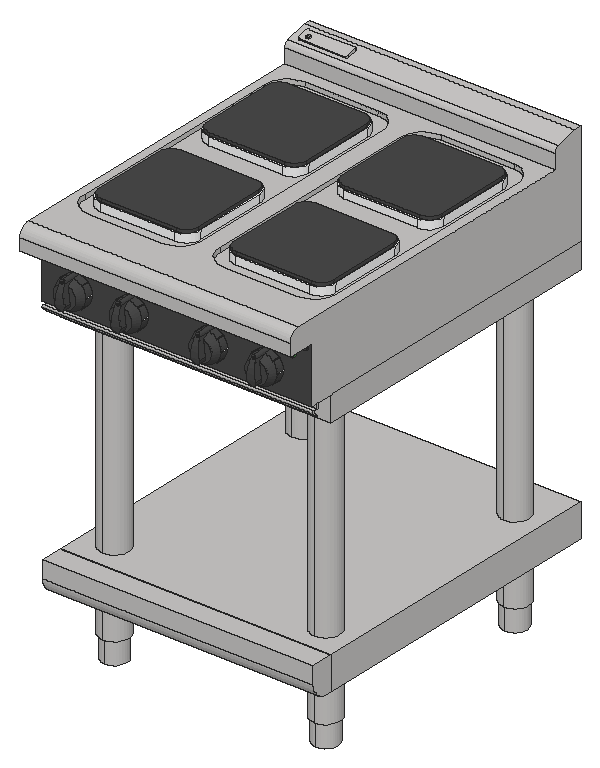
Revit family "QF_Moffat_RNLB8400SE-LS_Electric_Cooktops_Sealed_Hobs_cat", category Specialty Equipment, Revit 2019
Family settings
  Round Connector Dimension = Use Diameter
  Part Type = Normal
  Work Plane-Based = No
  Always vertical = Yes
  Cut with Voids When Loaded = No
  Shared = No
  Room Calculation Point = No
Parameters (values of type "E514S-LS")
  Weight in Kilograms = 74
  Watts = 8800 W
  Volts = 400 V
  URL Cutsheet = ""
  Specification by User = ""
  Specification by Manufacturer = ""
  Serial Number = ""
  Seismic Rating = ""
  SMACNA No = ""
  Revision Code = ""
  Phase = 2
  Number of Poles = 1
  NAFEM Spec ID Number = ""
  Model = "RNLB8400SE-LS"
  Min Ckt Ampacity = 0 A
  Max Overcurrent Protection = 0 A
  Masterspec = ""
  Manufacturer = "Moffat"
  Length = 600 mm
  Item Number = ""
  Installed By = ""
  Identify Quantity as Lot = yes
  Height = 970 mm
  HP = ""
  Furnished By = ""
  Foodservice Equipment Identifier = yes
  FL Amps = 22 A
  Electrical Remarks = ""
  Electric Connection Type = ""
  Elec Conn RI Height = 0 mm
  Elec Conn Connection Height = 0 mm
  Description = "Electric Cooktops Sealed Hobs"
  Depth = 805 mm
  Cycle = 50 Hz
  Conn Plug = ""
  Conn Conduit = yes
  CSI MasterFormat = ""
  Apparent Power = if(Phase = 3, Volts * FL Amps * 1.73, Volts * FL Amps)  # 8800 VA
Reference planes
  plane 1 "BACK": y = 0
  plane 2: z = 0
  plane 3 "LEFT": x = 0
  plane 4 "RIGHT": x = 600
  plane 5 "FRONT": y = -805
  plane 6 "TOP": z = 915
  plane 7 "Center Y": x = 300
  plane 8 "Center X": y = -402.5
  plane 9: x = 65.5
  plane 10: x = 87.5
  plane 11: x = 211.766
  plane 12: y = -30
  plane 13: x = 470
  plane 14: x = 512.5
  plane 15: x = 388.234
  plane 16: x = 534.5
  plane 17: z = 150
  plane 18: y = -100
  plane 19: y = -625
  plane 20: z = 970
Forms (mm)
  Extrusion 1, solid, material "QF_Metal_Stainless_Polished"
    sketch origin (0, 0, 600) x (0, 1, 0) y (0, 0, 1)
      loop
        line (0, 140) -> (0, 370) -> (-15, 370) -> (-61.106, 357.646)
        arc (-61.106, 357.646) -> (-67.52, 353.36) -> (-70, 346.055) r 12
        line (-70, 346.055) -> (-70, 315) -> (-781, 315)
        arc (-781, 315) -> (-797.971, 307.971) -> (-805, 291) r 24
        line (-805, 291) -> (-805, 266) -> (-746.031, 266) -> (-746.031, 140) -> (0, 140)
    from 0 to 600
  Extrusion 2, void
    sketch origin (0, -773.8, 915) x (0, 1, 0) y (-1, 0, 0)
      loop
        arc (673.6, -69) -> (658.955, -33.645) -> (623.6, -19) r 50
        line (623.6, -19) -> (123.399, -19)
        arc (123.399, -19) -> (88.044, -33.645) -> (73.399, -69) r 50
        line (73.399, -69) -> (73.399, -231)
        arc (73.399, -231) -> (88.044, -266.355) -> (123.399, -281) r 50
        line (123.399, -281) -> (623.6, -281)
        arc (623.6, -281) -> (658.955, -266.355) -> (673.6, -231) r 50
        line (673.6, -231) -> (673.6, -69)
      loop
        line (673.6, -531) -> (673.6, -369)
        arc (673.6, -369) -> (658.955, -333.645) -> (623.6, -319) r 50
        line (623.6, -319) -> (123.399, -319)
        arc (123.399, -319) -> (88.044, -333.645) -> (73.399, -369) r 50
        line (73.399, -369) -> (73.399, -531)
        arc (73.399, -531) -> (88.044, -566.355) -> (123.399, -581) r 50
        line (123.399, -581) -> (623.6, -581)
        arc (623.6, -581) -> (658.955, -566.355) -> (673.6, -531) r 50
    from 0 to -9.5
  Extrusion 3, solid, material "QF_Plastic_White_Smooth"
    sketch origin (0, -773.8, 905.5) x (0, 1, 0) y (-1, 0, 0)
      loop
        arc (635.254, -68) -> (625.881, -45.373) -> (603.254, -36) r 32
        line (603.254, -36) -> (440.337, -36)
        arc (440.337, -36) -> (417.71, -45.373) -> (408.337, -68) r 32
        line (408.337, -68) -> (408.337, -232)
        arc (408.337, -232) -> (417.71, -254.627) -> (440.337, -264) r 32
        line (440.337, -264) -> (603.254, -264)
        arc (603.254, -264) -> (625.881, -254.627) -> (635.254, -232) r 32
        line (635.254, -232) -> (635.254, -68)
      loop
        arc (335.297, -68) -> (325.925, -45.373) -> (303.297, -36) r 32
        line (303.297, -36) -> (140.362, -36)
        arc (140.362, -36) -> (117.734, -45.373) -> (108.362, -68) r 32
        line (108.362, -68) -> (108.362, -232)
        arc (108.362, -232) -> (117.734, -254.627) -> (140.362, -264) r 32
        line (140.362, -264) -> (303.297, -264)
        arc (303.297, -264) -> (325.925, -254.627) -> (335.297, -232) r 32
        line (335.297, -232) -> (335.297, -68)
      loop
        arc (635.246, -368) -> (625.874, -345.373) -> (603.246, -336) r 32
        line (603.246, -336) -> (440.353, -336)
        arc (440.353, -336) -> (417.725, -345.373) -> (408.353, -368) r 32
        line (408.353, -368) -> (408.353, -532)
        arc (408.353, -532) -> (417.725, -554.627) -> (440.353, -564) r 32
        line (440.353, -564) -> (603.246, -564)
        arc (603.246, -564) -> (625.874, -554.627) -> (635.246, -532) r 32
        line (635.246, -532) -> (635.246, -368)
      loop
        arc (335.297, -368) -> (325.925, -345.373) -> (303.297, -336) r 32
        line (303.297, -336) -> (140.362, -336)
        arc (140.362, -336) -> (117.734, -345.373) -> (108.362, -368) r 32
        line (108.362, -368) -> (108.362, -532)
        arc (108.362, -532) -> (117.734, -554.627) -> (140.362, -564) r 32
        line (140.362, -564) -> (303.297, -564)
        arc (303.297, -564) -> (325.925, -554.627) -> (335.297, -532) r 32
        line (335.297, -532) -> (335.297, -368)
    from 0 to 17.8
  Extrusion 4, solid, material "QF_Plastic_Black_Smooth"
    sketch origin (0, -773.8, 923.3) x (0, 1, 0) y (-1, 0, 0)
      loop
        arc (631.8, -67) -> (623.892, -47.908) -> (604.8, -40) r 27
        line (604.8, -40) -> (438.8, -40)
        arc (438.8, -40) -> (419.708, -47.908) -> (411.8, -67) r 27
        line (411.8, -67) -> (411.8, -233)
        arc (411.8, -233) -> (419.708, -252.092) -> (438.8, -260) r 27
        line (438.8, -260) -> (604.8, -260)
        arc (604.8, -260) -> (623.892, -252.092) -> (631.8, -233) r 27
        line (631.8, -233) -> (631.8, -67)
      loop
        arc (331.8, -67) -> (323.892, -47.908) -> (304.8, -40) r 27
        line (304.8, -40) -> (138.8, -40)
        arc (138.8, -40) -> (119.708, -47.908) -> (111.8, -67) r 27
        line (111.8, -67) -> (111.8, -233)
        arc (111.8, -233) -> (119.708, -252.092) -> (138.8, -260) r 27
        line (138.8, -260) -> (304.8, -260)
        arc (304.8, -260) -> (323.892, -252.092) -> (331.8, -233) r 27
        line (331.8, -233) -> (331.8, -67)
      loop
        line (631.8, -533) -> (631.8, -367)
        arc (631.8, -367) -> (623.892, -347.908) -> (604.8, -340) r 27
        line (604.8, -340) -> (438.8, -340)
        arc (438.8, -340) -> (419.708, -347.908) -> (411.8, -367) r 27
        line (411.8, -367) -> (411.8, -533)
        arc (411.8, -533) -> (419.708, -552.092) -> (438.8, -560) r 27
        line (438.8, -560) -> (604.8, -560)
        arc (604.8, -560) -> (623.892, -552.092) -> (631.8, -533) r 27
      loop
        line (331.8, -533) -> (331.8, -367)
        arc (331.8, -367) -> (323.892, -347.908) -> (304.8, -340) r 27
        line (304.8, -340) -> (138.8, -340)
        arc (138.8, -340) -> (119.708, -347.908) -> (111.8, -367) r 27
        line (111.8, -367) -> (111.8, -533)
        arc (111.8, -533) -> (119.708, -552.092) -> (138.8, -560) r 27
        line (138.8, -560) -> (304.8, -560)
        arc (304.8, -560) -> (323.892, -552.092) -> (331.8, -533) r 27
    from 0 to 6.1
  Extrusion 5, solid, material "QF_Metal_Stainless_Polished"
    sketch origin (0, 0, 600) x (0, 1, 0) y (0, 0, 1)
      loop
        line (-691.8, 85) -> (0, 85) -> (0, 140) -> (-691.8, 140) -> (-691.8, 85)
    from 0 to 600
  Extrusion 6, solid, material "QF_Metal_Stainless_Polished"
    sketch origin (0, 0, 600) x (0, 1, 0) y (0, 0, 1)
      loop
        line (-730.6, 140) -> (-730.6, 130) -> (-740.105, 130)
        arc (-740.105, 130) -> (-743.076, 128.015) -> (-742.379, 124.511) r 3.215
        line (-742.379, 124.511) -> (-731.85, 113.982) -> (-730.719, 115.113) -> (-741.247, 125.642)
        arc (-741.247, 125.642) -> (-741.597, 127.403) -> (-740.105, 128.4) r 1.615
        line (-740.105, 128.4) -> (-729, 128.4) -> (-729, 140) -> (-730.6, 140)
    from 0 to 600
  Extrusion 7, solid, material "QF_Metal_Stainless_Polished"
    sketch origin (300, 175.397, 1819.2) x (0, 1, 0) y (0, 0, 1)
      loop
        line (-867.197, -1109.2) -> (-889.234, -1109.2)
        arc (-889.234, -1109.2) -> (-890.834, -1110.8) -> (-889.234, -1112.4) r 1.6
        line (-889.234, -1112.4) -> (-867.197, -1112.4) -> (-867.197, -1109.2)
    from -250 to 250
  Extrusion 8, solid, material "QF_Paint_Green"
    sketch origin (0, -746.031, 730) x (0, 0, 1) y (-1, 0, 0)
      loop
        circle (101.3, -432.5) r 7.15
      loop
        circle (101.3, -557.5) r 7.15
      loop
        circle (101.3, -131.766) r 7.15
      loop
        circle (101.3, -256.766) r 7.15
    from 0 to 1.6
  Extrusion 9, solid, material "QF_Plastic_Black_Smooth"
    sketch origin (0, -746.031, 740) x (0, 0, 1) y (-1, 0, 0)
      loop
        circle (113.843, -13.157) r 5
      loop
        circle (113.843, -586.843) r 5
    from 0 to 1.6
  Extrusion 10, solid, material "QF_Metal_Stainless_Polished"
    sketch origin (-6096, 287.266, 675) x (0, 1, 0) y (-1, 0, 0)
      loop
        circle (-317.266, -6566) r 6.35
    from 10 to 0
  Extrusion 11, solid, material "QF_Metal_Stainless_Polished"
    sketch origin (0, 0, 0) x (0, 1, 0) y (0, 0, 1)
      loop
        line (-741.8, 222.5) -> (-741.8, 186)
        arc (-741.8, 186) -> (-731.256, 160.544) -> (-705.8, 150) r 36
        line (-705.8, 150) -> (-691.8, 150) -> (-691.8, 222.5) -> (-741.8, 222.5)
    from 0 to 600
  Revolve 12, solid, material "QF_Metal_Stainless_Polished"
    sketch origin (65.5, -4572, -304.8) x (0, 0, -1) y (0, -1, 0)
      loop
        line (-304.8, -3947) -> (-989.8, -3947) -> (-989.8, -3978.75) -> (-354.8, -3978.75) -> (-354.8, -3974.5) -> (-304.8, -3974.5) -> (-304.8, -3947)
      axis (-989.8, -3947) -> (-304.8, -3947)
    angle from 0 to 360
  Revolve 13, solid, material "QF_Metal_Stainless_Polished"
    sketch origin (534.5, -4572, -304.8) x (0, 0, -1) y (0, 1, 0)
      loop
        line (-304.8, 3947) -> (-304.8, 3974.5) -> (-354.8, 3974.5) -> (-354.8, 3978.75) -> (-989.8, 3978.75) -> (-989.8, 3947) -> (-304.8, 3947)
      axis (-989.8, 3947) -> (-304.8, 3947)
    angle from 0 to 360
  Extrusion 14, solid, material "QF_Metal_Stainless_Polished"
    sketch origin (0, 0, 0) x (0, 1, 0) y (0, 0, 1)
      loop
        line (-691.8, 222.5) -> (-691.8, 150) -> (0, 150) -> (0, 222.5) -> (-691.8, 222.5)
    from 0 to 600
  Revolve 15, solid, material "QF_Metal_Stainless_Polished"
    sketch origin (65.5, 3847, -304.8) x (0, 0, -1) y (0, -1, 0)
      loop
        line (-304.8, 3947) -> (-304.8, 3974.5) -> (-354.8, 3974.5) -> (-354.8, 3978.75) -> (-989.8, 3978.75) -> (-989.8, 3947) -> (-304.8, 3947)
      axis (-989.8, 3947) -> (-304.8, 3947)
    angle from 0 to 360
  Revolve 16, solid, material "QF_Metal_Stainless_Polished"
    sketch origin (534.5, 3847, -304.8) x (0, 0, -1) y (0, 1, 0)
      loop
        line (-304.8, -3947) -> (-989.8, -3947) -> (-989.8, -3978.75) -> (-354.8, -3978.75) -> (-354.8, -3974.5) -> (-304.8, -3974.5) -> (-304.8, -3947)
      axis (-989.8, -3947) -> (-304.8, -3947)
    angle from 0 to 360
Cuts and joins
  Extrusion 2 cuts Extrusion 1
  joined: Extrusion 5, Extrusion 11
  joined: Revolve 12, Revolve 13, Extrusion 14, Revolve 15, Revolve 16
Lines and regions (mm)
  symbolic lines
    curve 1: line (0, 0, 0) -> (600, 0, 0)
    curve 2: line (0, -805, 0) -> (0, 0, 0)
    curve 3: line (600, -805, 0) -> (0, -805, 0)
    curve 4: line (600, 0, 0) -> (600, -805, 0)
    curve 5: arc (69, -700.401, 0) -> (33.645, -685.756, 0) -> (19, -650.401, 0) r 50
    curve 6: line (19, -650.401, 0) -> (19, -150.2, 0)
    curve 7: arc (19, -150.2, 0) -> (33.645, -114.845, 0) -> (69, -100.2, 0) r 50
    curve 8: line (69, -100.2, 0) -> (231, -100.2, 0)
    curve 9: arc (231, -100.2, 0) -> (266.355, -114.845, 0) -> (281, -150.2, 0) r 50
    curve 10: line (281, -150.2, 0) -> (281, -650.401, 0)
    curve 11: arc (281, -650.401, 0) -> (266.355, -685.756, 0) -> (231, -700.401, 0) r 50
    curve 12: line (231, -700.401, 0) -> (69, -700.401, 0)
    curve 13: arc (369, -700.401, 0) -> (333.645, -685.756, 0) -> (319, -650.401, 0) r 50
    curve 14: line (319, -650.401, 0) -> (319, -150.2, 0)
    curve 15: arc (319, -150.2, 0) -> (333.645, -114.845, 0) -> (369, -100.2, 0) r 50
    curve 16: line (369, -100.2, 0) -> (531, -100.2, 0)
    curve 17: arc (531, -100.2, 0) -> (566.355, -114.845, 0) -> (581, -150.2, 0) r 50
    curve 18: line (581, -150.2, 0) -> (581, -650.401, 0)
    curve 19: arc (581, -650.401, 0) -> (566.355, -685.756, 0) -> (531, -700.401, 0) r 50
    curve 20: line (531, -700.401, 0) -> (369, -700.401, 0)
    curve 21: arc (232, -665.438, 0) -> (254.627, -656.066, 0) -> (264, -633.438, 0) r 32
    curve 22: line (264, -633.438, 0) -> (264, -470.503, 0)
    curve 23: arc (264, -470.503, 0) -> (254.627, -447.875, 0) -> (232, -438.503, 0) r 32
    curve 24: line (232, -438.503, 0) -> (68, -438.503, 0)
    curve 25: arc (68, -438.503, 0) -> (45.373, -447.875, 0) -> (36, -470.503, 0) r 32
    curve 26: line (36, -470.503, 0) -> (36, -633.438, 0)
    curve 27: arc (36, -633.438, 0) -> (45.373, -656.066, 0) -> (68, -665.438, 0) r 32
    curve 28: line (68, -665.438, 0) -> (232, -665.438, 0)
    curve 29: arc (233, -662, 0) -> (252.092, -654.092, 0) -> (260, -635, 0) r 27
    curve 30: line (260, -635, 0) -> (260, -469, 0)
    curve 31: arc (260, -469, 0) -> (252.092, -449.908, 0) -> (233, -442, 0) r 27
    curve 32: line (233, -442, 0) -> (67, -442, 0)
    curve 33: arc (67, -442, 0) -> (47.908, -449.908, 0) -> (40, -469, 0) r 27
    curve 34: line (40, -469, 0) -> (40, -635, 0)
    curve 35: arc (40, -635, 0) -> (47.908, -654.092, 0) -> (67, -662, 0) r 27
    curve 36: line (67, -662, 0) -> (233, -662, 0)
    curve 37: arc (336, -633.438, 0) -> (345.373, -656.066, 0) -> (368, -665.438, 0) r 32
    curve 38: line (368, -665.438, 0) -> (532, -665.438, 0)
    curve 39: arc (532, -665.438, 0) -> (554.627, -656.066, 0) -> (564, -633.438, 0) r 32
    curve 40: line (564, -633.438, 0) -> (564, -470.503, 0)
    curve 41: arc (564, -470.503, 0) -> (554.627, -447.875, 0) -> (532, -438.503, 0) r 32
    curve 42: line (532, -438.503, 0) -> (368, -438.503, 0)
    curve 43: arc (368, -438.503, 0) -> (345.373, -447.875, 0) -> (336, -470.503, 0) r 32
    curve 44: line (336, -470.503, 0) -> (336, -633.438, 0)
    curve 45: arc (340, -635, 0) -> (347.908, -654.092, 0) -> (367, -662, 0) r 27
    curve 46: line (367, -662, 0) -> (533, -662, 0)
    curve 47: arc (533, -662, 0) -> (552.092, -654.092, 0) -> (560, -635, 0) r 27
    curve 48: line (560, -635, 0) -> (560, -469, 0)
    curve 49: arc (560, -469, 0) -> (552.092, -449.908, 0) -> (533, -442, 0) r 27
    curve 50: line (533, -442, 0) -> (367, -442, 0)
    curve 51: arc (367, -442, 0) -> (347.908, -449.908, 0) -> (340, -469, 0) r 27
    curve 52: line (340, -469, 0) -> (340, -635, 0)
    curve 53: arc (340, -335, 0) -> (347.908, -354.092, 0) -> (367, -362, 0) r 27
    curve 54: line (367, -362, 0) -> (533, -362, 0)
    curve 55: arc (533, -362, 0) -> (552.092, -354.092, 0) -> (560, -335, 0) r 27
    curve 56: line (560, -335, 0) -> (560, -169, 0)
    curve 57: arc (560, -169, 0) -> (552.092, -149.908, 0) -> (533, -142, 0) r 27
    curve 58: line (533, -142, 0) -> (367, -142, 0)
    curve 59: arc (367, -142, 0) -> (347.908, -149.908, 0) -> (340, -169, 0) r 27
    curve 60: line (340, -169, 0) -> (340, -335, 0)
    curve 61: arc (336, -333.447, 0) -> (345.373, -356.075, 0) -> (368, -365.447, 0) r 32
    curve 62: line (368, -365.447, 0) -> (532, -365.447, 0)
    curve 63: arc (532, -365.447, 0) -> (554.627, -356.075, 0) -> (564, -333.447, 0) r 32
    curve 64: line (564, -333.447, 0) -> (564, -170.554, 0)
    curve 65: arc (564, -170.554, 0) -> (554.627, -147.926, 0) -> (532, -138.554, 0) r 32
    curve 66: line (532, -138.554, 0) -> (368, -138.554, 0)
    curve 67: arc (368, -138.554, 0) -> (345.373, -147.926, 0) -> (336, -170.554, 0) r 32
    curve 68: line (336, -170.554, 0) -> (336, -333.447, 0)
    curve 69: arc (232, -365.463, 0) -> (254.627, -356.09, 0) -> (264, -333.463, 0) r 32
    curve 70: line (264, -333.463, 0) -> (264, -170.546, 0)
    curve 71: arc (264, -170.546, 0) -> (254.627, -147.919, 0) -> (232, -138.546, 0) r 32
    curve 72: line (232, -138.546, 0) -> (68, -138.546, 0)
    curve 73: arc (68, -138.546, 0) -> (45.373, -147.919, 0) -> (36, -170.546, 0) r 32
    curve 74: line (36, -170.546, 0) -> (36, -333.463, 0)
    curve 75: arc (36, -333.463, 0) -> (45.373, -356.09, 0) -> (68, -365.463, 0) r 32
    curve 76: line (68, -365.463, 0) -> (232, -365.463, 0)
    curve 77: arc (233, -362, 0) -> (252.092, -354.092, 0) -> (260, -335, 0) r 27
    curve 78: line (260, -335, 0) -> (260, -169, 0)
    curve 79: arc (260, -169, 0) -> (252.092, -149.908, 0) -> (233, -142, 0) r 27
    curve 80: line (233, -142, 0) -> (67, -142, 0)
    curve 81: arc (67, -142, 0) -> (47.908, -149.908, 0) -> (40, -169, 0) r 27
    curve 82: line (40, -169, 0) -> (40, -335, 0)
    curve 83: arc (40, -335, 0) -> (47.908, -354.092, 0) -> (67, -362, 0) r 27
    curve 84: line (67, -362, 0) -> (233, -362, 0)
    curve 85: line (0, -15, 0) -> (600, -15, 0)
    curve 86: line (0, -70, 0) -> (600, -70, 0)
Dimensions and locks
  equal spacing: plane 3 "LEFT", plane 7 "Center Y", plane 4 "RIGHT"
  "Length": plane 3 "LEFT" to plane 4 "RIGHT"
  equal spacing: plane 5 "FRONT", plane 8 "Center X", plane 1 "BACK"
  "Depth": plane 5 "FRONT" to plane 1 "BACK"
  plane 4 "RIGHT" to plane 3 "LEFT" = 600 mm
  plane 1 "BACK" to plane 5 "FRONT" = 805 mm
  plane 6 "TOP" to plane 2 = 915 mm
  cut or joined group of Extrusion 1, Extrusion 2 to plane 2 = 915 mm
  plane 13 to plane 4 "RIGHT" = 130 mm
  plane 9 to plane 16 = 469 mm
  plane 17 to plane 2 = 150 mm
  plane 1 "BACK" to plane 18 = 100 mm
  plane 18 to plane 19 = 525 mm
  plane 1 "BACK" to plane 12 = 30 mm
  "Height": plane 20 to level
  aligned and locked: level to plane 2
Automatic sketch dimensions
  Extrusion 1 to Extrusion 2 sketch curve = 19 mm
  Extrusion 2 sketch curve to Extrusion 2 sketch curve = 50 mm  (x6)
  Extrusion 2 sketch curve to Extrusion 2 sketch curve = 0 mm  (x2)
  Extrusion 2 sketch curve to Extrusion 2 sketch curve = 162 mm
  Extrusion 2 sketch curve to Extrusion 2 sketch curve = 38 mm
  Extrusion 1 to Extrusion 2 sketch curve = 69 mm
  Extrusion 3 sketch curve to Extrusion 2 = 34.962 mm  (x2)
  Extrusion 3 sketch curve to Extrusion 3 sketch curve = 32 mm  (x13)
  Extrusion 3 sketch curve to Extrusion 2 = 17 mm  (x6)
  Extrusion 3 sketch curve to Extrusion 2 = 49 mm  (x3)
  Extrusion 3 sketch curve to Extrusion 3 sketch curve = 162.936 mm  (x2)
  Extrusion 3 sketch curve to Extrusion 3 sketch curve = 73.04 mm
  Extrusion 3 sketch curve to Extrusion 3 sketch curve = 73.055 mm
  Extrusion 3 sketch curve to Extrusion 2 = 70.346 mm  (x2)
  Extrusion 3 sketch curve to Extrusion 2 = 70.354 mm  (x2)
  Extrusion 4 sketch curve to Extrusion 3 = 3.438 mm  (x2)
  Extrusion 4 sketch curve to Extrusion 4 sketch curve = 27 mm  (x6)
  Extrusion 4 sketch curve to Extrusion 3 = 4 mm  (x7)
  Extrusion 4 sketch curve to Extrusion 3 = 30.438 mm
  Extrusion 4 sketch curve to Extrusion 3 = 30.497 mm  (x4)
  Extrusion 4 sketch curve to Extrusion 3 = 3.497 mm  (x2)
  Extrusion 4 sketch curve to Extrusion 3 = 3.463 mm  (x2)
  Extrusion 4 sketch curve to Extrusion 3 = 30.463 mm
  Extrusion 4 sketch curve to Extrusion 3 = 30.454 mm  (x4)
  Extrusion 4 sketch curve to Extrusion 3 = 3.454 mm  (x2)
  Extrusion 4 sketch curve to Extrusion 3 = 31 mm
  Extrusion 5 sketch curve to plane 1 "BACK" = 0 mm
  plane 19 to Extrusion 5 sketch curve = 66.8 mm
  Extrusion 5 sketch curve to Extrusion 5 sketch curve = 55 mm
  Extrusion 6 sketch curve to Extrusion 6 sketch curve = 0 mm  (x3)
  Extrusion 6 sketch curve to plane 5 "FRONT" = 62.621 mm
  Extrusion 6 sketch curve to Extrusion 6 sketch curve = 1.131 mm  (x3)
  Extrusion 6 sketch curve to Extrusion 6 sketch curve = 1.142 mm  (x2)
  Extrusion 6 sketch curve to Extrusion 6 sketch curve = 10.529 mm
  Extrusion 6 sketch curve to Extrusion 6 sketch curve = 9.505 mm
  Extrusion 6 sketch curve to Extrusion 6 sketch curve = 1.6 mm
  Extrusion 6 sketch curve to Extrusion 6 sketch curve = 10 mm
  Extrusion 7 sketch curve to plane 5 "FRONT" = 91.163 mm
  Extrusion 7 sketch curve to Extrusion 7 sketch curve = 22.037 mm
  Extrusion 7 sketch curve to Extrusion 7 sketch curve = 1.6 mm
  Extrusion 1 to Extrusion 8 sketch curve = 34.7 mm  (x4)
  Extrusion 1 to Extrusion 8 sketch curve = 42.5 mm
  Extrusion 8 sketch curve to Extrusion 8 sketch curve = 125 mm  (x2)
  Extrusion 8 sketch curve to Extrusion 8 sketch curve = 175.734 mm
  Extrusion 1 to Extrusion 9 sketch curve = 12.157 mm  (x2)
  Extrusion 1 to Extrusion 9 sketch curve = 13.157 mm  (x2)
  plane 12 to Extrusion 10 sketch curve = 0 mm
  Extrusion 10 sketch curve to plane 13 = 0 mm
  Revolve 12 sketch curve to plane 19 = 0 mm  (x2)
  Revolve 12 sketch curve to level = 0 mm  (x2)
  Revolve 12 sketch curve to Revolve 12 sketch curve = 50 mm
  Revolve 12 sketch curve to plane 19 = 27.5 mm
  Revolve 12 sketch curve to Revolve 12 sketch curve = 31.75 mm
  Revolve 12 sketch curve to Revolve 12 sketch curve = 35 mm
  Revolve 13 sketch curve to plane 19 = 0 mm  (x2)
  Revolve 13 sketch curve to level = 0 mm  (x2)
  level to Revolve 13 sketch curve = 50 mm
  Revolve 13 sketch curve to Revolve 13 sketch curve = 27.5 mm
  Revolve 13 sketch curve to Revolve 13 sketch curve = 31.75 mm
  Revolve 13 sketch curve to Revolve 13 sketch curve = 35 mm
  Extrusion 14 sketch curve to plane 17 = 0 mm
  Extrusion 14 sketch curve to plane 1 "BACK" = 0 mm
  plane 19 to Extrusion 14 sketch curve = 66.8 mm
  Extrusion 14 sketch curve to Extrusion 14 sketch curve = 72.5 mm
  Revolve 15 sketch curve to level = 0 mm  (x2)
  Revolve 15 sketch curve to Revolve 15 sketch curve = 50 mm
  plane 18 to Revolve 15 sketch curve = 0 mm
  Revolve 15 sketch curve to Revolve 15 sketch curve = 27.5 mm
  Revolve 15 sketch curve to Revolve 15 sketch curve = 31.75 mm
  Revolve 15 sketch curve to level = 35 mm
  Revolve 15 sketch curve to Revolve 15 sketch curve = 0 mm
  Revolve 16 sketch curve to level = 0 mm  (x2)
  Revolve 16 sketch curve to Revolve 16 sketch curve = 50 mm
  plane 18 to Revolve 16 sketch curve = 31.75 mm
  Revolve 16 sketch curve to Revolve 16 sketch curve = 4.25 mm
  Revolve 16 sketch curve to Revolve 16 sketch curve = 27.5 mm
  Revolve 16 sketch curve to level = 35 mm
  Revolve 16 sketch curve to Revolve 16 sketch curve = 0 mm
  Extrusion 11 sketch curve to plane 17 = 0 mm
  Extrusion 11 sketch curve to plane 5 "FRONT" = 63.2 mm
  Extrusion 11 sketch curve to Extrusion 11 sketch curve = 14 mm
  Extrusion 11 sketch curve to Extrusion 11 sketch curve = 36 mm
  Extrusion 11 sketch curve to Extrusion 11 sketch curve = 36.5 mm
  Extrusion 2 sketch curve to Extrusion 1 = 130.599 mm
  Extrusion 1 sketch curve to plane 5 "FRONT" = 0 mm
  Extrusion 1 sketch curve to plane 5 "FRONT" = 24 mm
  Extrusion 1 sketch curve to plane 5 "FRONT" = 58.969 mm
  Extrusion 1 sketch curve to Extrusion 1 sketch curve = 25 mm
  plane 1 "BACK" to curve 1 = 0 mm
  curve 1 to plane 3 "LEFT" = 0 mm
  curve 4 to plane 4 "RIGHT" = 0 mm
  plane 5 "FRONT" to curve 3 = 0 mm
  plane 3 "LEFT" to curve 6 = 19 mm
  plane 9 to curve 26 = 29.5 mm
  plane 9 to curve 74 = 29.5 mm
  curve 25 to curve 34 = 4 mm
  curve 75 to curve 82 = 4 mm
  curve 83 to plane 9 = 1.5 mm
  curve 32 to plane 9 = 1.5 mm
  curve 36 to plane 9 = 1.5 mm
  curve 81 to plane 9 = 1.5 mm
  curve 72 to plane 9 = 2.5 mm
  curve 28 to plane 9 = 2.5 mm
  curve 76 to plane 9 = 2.5 mm
  curve 33 to curve 25 = 1 mm
  plane 18 to curve 8 = 0.2 mm
  curve 8 to plane 9 = 3.5 mm
  curve 5 to plane 9 = 3.5 mm
  plane 11 to curve 9 = 19.234 mm
  plane 11 to curve 11 = 19.234 mm
  plane 11 to curve 76 = 20.234 mm
  plane 11 to curve 24 = 20.234 mm
  plane 19 to curve 21 = 8.438 mm
  curve 11 to curve 21 = 1 mm
  curve 9 to curve 72 = 1 mm
  curve 69 to curve 77 = 1 mm
  curve 23 to curve 31 = 1 mm
  curve 71 to curve 79 = 1 mm
  curve 21 to curve 36 = 1 mm
  curve 79 to curve 78 = 27 mm
  curve 31 to curve 30 = 27 mm
  curve 78 to curve 70 = 4 mm
  curve 30 to curve 22 = 4 mm
  curve 10 to plane 7 "Center Y" = 19 mm
  plane 7 "Center Y" to curve 14 = 19 mm
  plane 19 to curve 44 = 8.438 mm
  curve 14 to curve 44 = 17 mm
  curve 15 to curve 68 = 17 mm
  curve 61 to curve 60 = 4 mm
  curve 44 to curve 52 = 4 mm
  plane 19 to curve 45 = 10 mm
  plane 15 to curve 45 = 21.234 mm
  plane 15 to curve 50 = 21.234 mm
  plane 15 to curve 58 = 21.234 mm
  plane 15 to curve 53 = 21.234 mm
  curve 54 to curve 62 = 1 mm
  curve 51 to curve 43 = 1 mm
  curve 45 to curve 37 = 1 mm
  curve 58 to curve 66 = 1 mm
  plane 15 to curve 20 = 19.234 mm
  curve 59 to curve 15 = 2 mm
  curve 19 to plane 16 = 3.5 mm
  curve 17 to plane 16 = 3.5 mm
  curve 66 to plane 16 = 2.5 mm
  curve 38 to plane 16 = 2.5 mm
  curve 41 to plane 16 = 2.5 mm
  curve 63 to plane 16 = 2.5 mm
  curve 57 to plane 16 = 1.5 mm
  curve 46 to plane 16 = 1.5 mm
  curve 55 to plane 16 = 1.5 mm
  curve 50 to plane 16 = 1.5 mm
  plane 19 to curve 48 = 10 mm
  plane 16 to curve 56 = 25.5 mm
  curve 48 to curve 40 = 4 mm
  curve 55 to curve 64 = 4 mm
  plane 4 "RIGHT" to curve 18 = 19 mm
  curve 12 to curve 28 = 34.962 mm
  curve 20 to curve 39 = 34.962 mm
  curve 21 to curve 36 = 3.438 mm
  curve 23 to plane 8 "Center X" = 68.003 mm
  curve 25 to curve 34 = 1.503 mm
  curve 43 to plane 8 "Center X" = 68.003 mm
  curve 40 to curve 48 = 1.503 mm
  plane 8 "Center X" to curve 76 = 37.037 mm
  plane 8 "Center X" to curve 62 = 37.053 mm
  curve 76 to curve 84 = 3.463 mm
  curve 61 to curve 54 = 3.447 mm
  plane 18 to curve 65 = 70.554 mm
  curve 73 to curve 7 = 20.346 mm
  curve 67 to curve 60 = 1.554 mm
  curve 73 to curve 82 = 1.546 mm
  curve 64 to curve 18 = 20.354 mm
  Extrusion 1 sketch curve to Extrusion 1 sketch curve = 126 mm
  Extrusion 5 sketch curve to plane 6 "TOP" = 230 mm
  Extrusion 6 sketch curve to plane 6 "TOP" = 201.018 mm
  Extrusion 7 sketch curve to plane 6 "TOP" = 208.2 mm
  Revolve 12 sketch curve to plane 6 "TOP" = 230 mm
  Revolve 13 sketch curve to plane 6 "TOP" = 230 mm
  Revolve 15 sketch curve to plane 6 "TOP" = 230 mm
  Revolve 16 sketch curve to plane 6 "TOP" = 230 mm
  Extrusion 1 sketch curve to plane 1 "BACK" = 0 mm
  plane 1 "BACK" to Extrusion 1 sketch curve = 15 mm
  plane 12 to Extrusion 1 sketch curve = 31.106 mm
  plane 6 "TOP" to Extrusion 1 sketch curve = 42.646 mm
  Extrusion 1 sketch curve to Extrusion 1 sketch curve = 3.106 mm
  Extrusion 1 sketch curve to Extrusion 1 sketch curve = 11.591 mm
  plane 6 "TOP" to Extrusion 1 sketch curve = 55 mm
  Extrusion 1 sketch curve to plane 6 "TOP" = 0 mm
  Extrusion 2 sketch curve to Extrusion 1 = 80.2 mm  (x3)
  curve 85 to curve 1 = 15 mm
  curve 86 to plane 18 = 30 mm
  radius of Extrusion 8 sketch curve = 7.15 mm  (x4)
  radius of Extrusion 9 sketch curve = 5 mm  (x2)
  radius of Extrusion 10 sketch curve = 6.35 mm
Nested families
  nested 1: "Knob" at (55.003, -746.031, 764.502), type "Knob"
  nested 2: "Knob" at (179.269, -746.031, 764.502), type "Knob"
  nested 3: "Knob" at (355.738, -746.031, 764.502), type "Knob"
  nested 4: "Knob" at (480.003, -746.031, 764.502), type "Knob"
  nested 5: "QF_LOGO_Waldorf" at (14.5, -25.83, 940.387), type "QF_LOGO_Waldorf"
Connectors
  electrical at (470, -30, 675), driven by "Volts", driven by "Watts"
    settings: on Extrusion 10, index 1, voltage 400 V, apparent load 8800 VA, apparent load phase1 0 VA, apparent load phase2 0 VA, apparent load phase3 0 VA, power factor 1, load classification "Other", number of poles 1, system type 30, power factor state 1, is connector primary yes, connector utility no, sub classification motor no, connector description "Electrical Connection"
Definition of nested family "Knob"
  Parameters (values of type "Knob")
    Weight in Pounds = 0
    URL Cutsheet = ""
    Specification by User = ""
    Specification by Manufacturer = ""
    Serial Number = ""
    Seismic Rating = ""
    SMACNA No = ""
    Revision Code = ""
    NAFEM Spec ID Number = ""
    Masterspec = ""
    Length = 65 mm
    Item Number = ""
    Installed By = ""
    Identify Quantity as Lot = yes
    Height = 69.5 mm
    Furnished By = ""
    Foodservice Equipment Identifier = yes
    Depth = 59 mm
    CSI MasterFormat = ""
  Reference planes
    plane 1 "BACK": y = 0
    plane 2: z = 0
    plane 3 "LEFT": x = 0
    plane 4 "RIGHT": x = 65
    plane 5 "FRONT": y = -59
    plane 6 "TOP": z = 69.5
    plane 7 "Center Y": x = 32.5
    plane 8 "Center X": y = -29.5
  Forms (mm)
    Revolve 1, solid
      sketch origin (32.5, 175.397, 1219.2) x (0, 1, 0) y (0, 0, 1)
        loop
          line (-175.397, -1186.7) -> (-219.397, -1186.7) -> (-219.397, -1211.501) -> (-202.106, -1219.2) -> (-185.397, -1219.2) -> (-185.397, -1191.7) -> (-175.397, -1191.7) -> (-175.397, -1186.7)
        axis (-219.397, -1186.7) -> (-175.397, -1186.7)
      angle from 0 to 360
    Extrusion 2, solid
      sketch origin (32.5, 175.397, 1219.2) x (0, 1, 0) y (0, 0, 1)
        loop
          line (-202.106, -1154.2) -> (-185.397, -1154.2) -> (-185.397, -1149.7) -> (-224.105, -1149.7)
          arc (-224.105, -1149.7) -> (-233.965, -1178.467) -> (-230.696, -1208.7) r 70
          line (-230.696, -1208.7) -> (-219.397, -1208.7) -> (-219.397, -1161.899) -> (-202.106, -1154.2)
      from -15 to 15
    Extrusion 3, void
      sketch origin (0, 0, 0) x (1, 0, 0) y (0, 0, 1)
        loop
          line (27.501, 64.613) -> (22.02, 20.585)
          arc (22.02, 20.585) -> (32.792, 10.488) -> (42.986, 21.169) r 10.487
          line (42.986, 21.169) -> (37.499, 64.613)
          arc (37.499, 64.613) -> (32.5, 69.5) -> (27.501, 64.613) r 5
        loop
          line (10, 72.977) -> (10, 5.625) -> (55, 5.625) -> (55, 72.977) -> (10, 72.977)
      from 6.142 to 69.687
    Extrusion 4, solid
      sketch origin (0, -34.115, -16.916) x (1, 0, 0) y (0, 0.45399, 0.891007)
        loop
          circle (32.497, 65) r 2
      from 51.525 to 53.075
    Extrusion 5, solid
      sketch origin (32.5, -10, 32.5) x (0, 0, -1) y (-1, 0, 0)
        loop
          line (-23.54, -22.408) -> (-24.106, -22.974)
          arc (-24.106, -22.974) -> (-23.547, -23.547) -> (-22.974, -24.106) r 33.3
          line (-22.974, -24.106) -> (-22.408, -23.54)
          arc (-22.408, -23.54) -> (-22.981, -22.981) -> (-23.54, -22.408) r 32.5
        loop
          arc (-0.8, -33.29) -> (0, -33.3) -> (0.8, -33.29) r 33.3
          line (0.8, -33.29) -> (0.8, -32.49)
          arc (0.8, -32.49) -> (0, -32.5) -> (-0.8, -32.49) r 32.5
          line (-0.8, -32.49) -> (-0.8, -33.29)
        loop
          arc (23.54, -22.408) -> (22.981, -22.981) -> (22.408, -23.54) r 32.5
          line (22.408, -23.54) -> (22.974, -24.106)
          arc (22.974, -24.106) -> (23.547, -23.547) -> (24.106, -22.974) r 33.3
          line (24.106, -22.974) -> (23.54, -22.408)
        loop
          arc (-23.54, 22.408) -> (-22.981, 22.981) -> (-22.408, 23.54) r 32.5
          line (-22.408, 23.54) -> (-22.974, 24.106)
          arc (-22.974, 24.106) -> (-23.547, 23.547) -> (-24.106, 22.974) r 33.3
          line (-24.106, 22.974) -> (-23.54, 22.408)
        loop
          line (-0.8, 33.29) -> (-0.8, 32.49)
          arc (-0.8, 32.49) -> (0, 32.5) -> (0.8, 32.49) r 32.5
          line (0.8, 32.49) -> (0.8, 33.29)
          arc (0.8, 33.29) -> (0, 33.3) -> (-0.8, 33.29) r 33.3
        loop
          line (32.49, -0.8) -> (33.29, -0.8)
          arc (33.29, -0.8) -> (33.3, 0) -> (33.29, 0.8) r 33.3
          line (33.29, 0.8) -> (32.49, 0.8)
          arc (32.49, 0.8) -> (32.5, 0) -> (32.49, -0.8) r 32.5
        loop
          arc (24.106, 22.974) -> (23.547, 23.547) -> (22.974, 24.106) r 33.3
          line (22.974, 24.106) -> (22.408, 23.54)
          arc (22.408, 23.54) -> (22.981, 22.981) -> (23.54, 22.408) r 32.5
          line (23.54, 22.408) -> (24.106, 22.974)
      from 0 to -16.709
  Cuts and joins
    Extrusion 3 cuts Extrusion 2
  Dimensions and locks
    equal spacing: plane 3 "LEFT", plane 7 "Center Y", plane 4 "RIGHT"
    "Length": plane 3 "LEFT" to plane 4 "RIGHT"
    equal spacing: plane 5 "FRONT", plane 8 "Center X", plane 1 "BACK"
    "Depth": plane 5 "FRONT" to plane 1 "BACK"
    "Height": plane 6 "TOP" to level
    plane 4 "RIGHT" to plane 3 "LEFT" = 65 mm
    aligned and locked: level to plane 2
  Automatic sketch dimensions
    Revolve 1 sketch curve to level = 0 mm
    Revolve 1 sketch curve to plane 1 "BACK" = 0 mm  (x2)
    plane 1 "BACK" to Revolve 1 sketch curve = 10 mm
    plane 8 "Center X" to Revolve 1 sketch curve = 2.791 mm
    Revolve 1 sketch curve to plane 8 "Center X" = 14.5 mm
    level to Revolve 1 sketch curve = 7.699 mm
    level to Revolve 1 sketch curve = 27.5 mm
    Revolve 1 sketch curve to Revolve 1 sketch curve = 5 mm
    Revolve 1 sketch curve to Revolve 1 sketch curve = 35 mm
    Revolve 1 sketch curve to Revolve 1 sketch curve = 0 mm
    Extrusion 2 sketch curve to plane 6 "TOP" = 0 mm
    Extrusion 2 sketch curve to plane 5 "FRONT" = 3.702 mm
    Extrusion 2 sketch curve to plane 5 "FRONT" = 10.293 mm
    Extrusion 2 sketch curve to Extrusion 2 sketch curve = 11.298 mm
    plane 8 "Center X" to Extrusion 2 sketch curve = 2.791 mm
    plane 1 "BACK" to Extrusion 2 sketch curve = 10 mm
    Extrusion 2 sketch curve to plane 1 "BACK" = 11 mm
    Extrusion 2 sketch curve to plane 6 "TOP" = 4.5 mm
    Extrusion 2 sketch curve to plane 6 "TOP" = 12.199 mm
    level to Extrusion 2 sketch curve = 32.962 mm
    level to Extrusion 3 sketch curve = 5.625 mm
    Extrusion 3 sketch curve to plane 7 "Center Y" = 0 mm  (x2)
    Extrusion 3 sketch curve to plane 7 "Center Y" = 4.999 mm
    Extrusion 3 sketch curve to plane 7 "Center Y" = 10.48 mm
    plane 6 "TOP" to Extrusion 3 sketch curve = 3.477 mm
    plane 3 "LEFT" to Extrusion 3 sketch curve = 10 mm
    Extrusion 3 sketch curve to plane 6 "TOP" = 4.887 mm
    Extrusion 3 sketch curve to Extrusion 3 sketch curve = 4.999 mm
    plane 7 "Center Y" to Extrusion 3 sketch curve = 10.486 mm
    level to Extrusion 3 sketch curve = 20.585 mm
    Extrusion 3 sketch curve to Extrusion 3 sketch curve = 0.387 mm
    Extrusion 3 sketch curve to Extrusion 3 sketch curve = 0.113 mm
    plane 4 "RIGHT" to Extrusion 3 sketch curve = 10 mm
    Extrusion 5 sketch curve to Revolve 1 = 32.49 mm
    Revolve 1 to Extrusion 5 sketch curve = 32.49 mm
    Extrusion 5 sketch curve to Revolve 1 = 23.54 mm  (x2)
    Revolve 1 to Extrusion 5 sketch curve = 23.54 mm  (x2)
    Extrusion 5 sketch curve to Revolve 1 = 24.106 mm  (x2)
    Revolve 1 to Extrusion 5 sketch curve = 24.106 mm  (x2)
    Revolve 1 to Extrusion 5 sketch curve = 22.408 mm  (x2)
    Extrusion 5 sketch curve to Revolve 1 = 22.408 mm  (x2)
    Revolve 1 to Extrusion 5 sketch curve = 22.974 mm  (x2)
    Extrusion 5 sketch curve to Revolve 1 = 22.974 mm  (x2)
    Extrusion 5 sketch curve to Extrusion 5 sketch curve = 1.6 mm  (x2)
    Revolve 1 to Extrusion 5 sketch curve = 0.8 mm
    Extrusion 5 sketch curve to Revolve 1 = 0.8 mm
    Extrusion 4 sketch curve to plane 7 "Center Y" = 0.003 mm
    radius of Extrusion 5 sketch curve to Revolve 1 = 0 mm  (x7)
    radius of Revolve 1 to Extrusion 5 sketch curve = 0.8 mm  (x7)
    radius of Extrusion 4 sketch curve = 2 mm
Definition of nested family "QF_LOGO_Waldorf"
  Parameters (values of type "QF_LOGO_Waldorf")
    Weight in Pounds = 0
    URL Cutsheet = ""
    Specification by User = ""
    Specification by Manufacturer = ""
    Serial Number = ""
    Seismic Rating = ""
    SMACNA No = ""
    Revision Code = ""
    NAFEM Spec ID Number = ""
    Masterspec = ""
    Length = 138 mm
    Item Number = ""
    Installed By = ""
    Identify Quantity as Lot = yes
    Height = 26.711 mm
    Furnished By = ""
    Foodservice Equipment Identifier = yes
    Depth = 3.175 mm
    CSI MasterFormat = ""
  Reference planes
    plane 1 "BACK": y = 0
    plane 2: z = 0
    plane 3 "LEFT": x = 0
    plane 4 "RIGHT": x = 138
    plane 5 "FRONT": y = -3.175
    plane 6 "TOP": z = 26.711
    plane 7 "Center Y": x = 69
    plane 8 "Center X": y = -1.587
  Forms (mm)
    Extrusion 1, solid
      sketch origin (0, -25.801, 19.798) x (1, 0, 0) y (0, 0.965926, 0.258819)
        loop
          line (109, 3.464) -> (109, 23.247)
          spline (109, 23.247) -> (108.966, 23.699) -> (108.864, 24.143) -> (108.696, 24.572) -> (108.464, 24.979) -> (108.173, 25.355) -> (107.828, 25.696) -> (107.435, 25.995) -> (107, 26.247) -> (106.531, 26.447) -> (106.035, 26.593) -> (105.522, 26.681) -> (105, 26.711)
          line (105, 26.711) -> (4, 26.711)
          spline (4, 26.711) -> (3.478, 26.681) -> (2.965, 26.593) -> (2.469, 26.447) -> (2, 26.247) -> (1.565, 25.995) -> (1.172, 25.696) -> (0.827, 25.355) -> (0.536, 24.979) -> (0.304, 24.572) -> (0.136, 24.143) -> (0.034, 23.699) -> (0, 23.247)
          line (0, 23.247) -> (0, 3.464)
          spline (0, 3.464) -> (0.034, 3.012) -> (0.136, 2.568) -> (0.304, 2.138) -> (0.536, 1.732) -> (0.827, 1.355) -> (1.172, 1.015) -> (1.565, 0.716) -> (2, 0.464) -> (2.469, 0.264) -> (2.965, 0.118) -> (3.478, 0.03) -> (4, 0)
          line (4, 0) -> (105, 0)
          spline (105, 0) -> (105.522, 0.03) -> (106.035, 0.118) -> (106.531, 0.264) -> (107, 0.464) -> (107.435, 0.716) -> (107.828, 1.015) -> (108.173, 1.355) -> (108.464, 1.732) -> (108.696, 2.138) -> (108.864, 2.568) -> (108.966, 3.012) -> (109, 3.464)
        loop
          line (14.75, 7.005) -> (14.75, 15.654)
          arc (14.75, 15.654) -> (10.425, 11.329) -> (14.75, 7.005) r 4.325
        loop
          line (15.25, 15.654) -> (15.25, 7.005)
          arc (15.25, 7.005) -> (19.575, 11.329) -> (15.25, 15.654) r 4.325
      from 0 to 3.2
    Extrusion 2, solid
      sketch origin (0, -25.801, 19.798) x (1, 0, 0) y (0, 0.965926, 0.258819)
        loop
          line (15.25, 15.654) -> (15.25, 7.005)
          arc (15.25, 7.005) -> (19.575, 11.329) -> (15.25, 15.654) r 4.325
      from 0 to 3.2
    Extrusion 3, solid
      sketch origin (16.271, -25.801, 19.798) x (-1, 0, 0) y (0, -0.965926, -0.258819)
        loop
          arc (1.521, -15.654) -> (5.846, -11.329) -> (1.521, -7.005) r 4.325
          line (1.521, -7.005) -> (1.521, -15.654)
      from 0 to 3.2
  Lines and regions (mm)
    Split face 1
      outline origin (0, -26.629, 22.888) x (1, 0, 0) y (0, 0.965926, 0.258819)
        loop
          spline (22.129, 16.975) -> (22.389, 15.984) -> (22.649, 15.002) -> (22.91, 14.028) -> (23.172, 13.065) -> (23.433, 12.11) -> (23.695, 11.166) -> (23.956, 10.232) -> (24.218, 9.308) -> (24.479, 8.396) -> (24.74, 7.495) -> (25, 6.605) -> (25.26, 5.728)
          line (25.26, 5.728) -> (29.463, 5.728)
          spline (29.463, 5.728) -> (29.582, 6.252) -> (29.701, 6.78) -> (29.82, 7.313) -> (29.939, 7.85) -> (30.058, 8.391) -> (30.178, 8.936) -> (30.297, 9.485) -> (30.416, 10.038) -> (30.536, 10.594) -> (30.655, 11.155) -> (30.775, 11.719) -> (30.894, 12.287)
          spline (30.894, 12.287) -> (31.018, 11.719) -> (31.142, 11.155) -> (31.266, 10.594) -> (31.39, 10.038) -> (31.514, 9.485) -> (31.638, 8.936) -> (31.762, 8.391) -> (31.885, 7.85) -> (32.009, 7.313) -> (32.133, 6.78) -> (32.256, 6.252) -> (32.379, 5.728)
          line (32.379, 5.728) -> (36.51, 5.728)
          spline (36.51, 5.728) -> (36.766, 6.605) -> (37.023, 7.495) -> (37.28, 8.396) -> (37.538, 9.308) -> (37.795, 10.232) -> (38.053, 11.166) -> (38.311, 12.11) -> (38.569, 13.065) -> (38.826, 14.028) -> (39.083, 15.002) -> (39.34, 15.984) -> (39.597, 16.975)
          line (39.597, 16.975) -> (35.637, 16.975)
          spline (35.637, 16.975) -> (35.523, 16.334) -> (35.41, 15.697) -> (35.296, 15.063) -> (35.182, 14.433) -> (35.068, 13.807) -> (34.954, 13.185) -> (34.84, 12.566) -> (34.726, 11.952) -> (34.612, 11.342) -> (34.497, 10.737) -> (34.383, 10.135) -> (34.269, 9.538)
          spline (34.269, 9.538) -> (34.138, 10.135) -> (34.008, 10.737) -> (33.877, 11.342) -> (33.746, 11.952) -> (33.616, 12.566) -> (33.485, 13.185) -> (33.354, 13.807) -> (33.224, 14.433) -> (33.093, 15.063) -> (32.963, 15.697) -> (32.833, 16.334) -> (32.703, 16.975)
          line (32.703, 16.975) -> (29.247, 16.975)
          spline (29.247, 16.975) -> (29.111, 16.334) -> (28.974, 15.697) -> (28.837, 15.063) -> (28.7, 14.433) -> (28.562, 13.807) -> (28.425, 13.185) -> (28.288, 12.566) -> (28.15, 11.952) -> (28.013, 11.342) -> (27.875, 10.737) -> (27.738, 10.135) -> (27.6, 9.538)
          spline (27.6, 9.538) -> (27.483, 10.135) -> (27.366, 10.737) -> (27.249, 11.342) -> (27.132, 11.952) -> (27.015, 12.566) -> (26.897, 13.185) -> (26.78, 13.807) -> (26.663, 14.433) -> (26.546, 15.063) -> (26.43, 15.697) -> (26.313, 16.334) -> (26.196, 16.975)
          line (26.196, 16.975) -> (22.129, 16.975)
    Split face 2
      outline origin (0, -26.629, 22.888) x (1, 0, 0) y (0, 0.965926, 0.258819)
        loop
          line (51.449, 5.728) -> (51.035, 6.606) -> (51.035, 11.169)
          spline (51.035, 11.169) -> (50.686, 12.42) -> (50.176, 13.224) -> (49.51, 13.708) -> (48.693, 13.995) -> (47.747, 14.152) -> (46.698, 14.207) -> (45.579, 14.186) -> (44.419, 14.114) -> (43.279, 13.929) -> (42.249, 13.481) -> (41.424, 12.614) -> (40.897, 11.169)
          line (40.897, 11.169) -> (44.617, 11.169) -> (44.988, 11.965)
          spline (44.988, 11.965) -> (47.294, 11.682) -> (46.856, 10.932) -> (45.527, 10.609) -> (43.858, 10.439) -> (42.259, 10.123) -> (41.078, 9.417) -> (40.563, 8.246) -> (40.689, 6.989) -> (41.407, 6.052) -> (42.774, 5.536) -> (44.847, 5.497) -> (47.306, 6.602)
          line (47.306, 6.602) -> (47.624, 5.728) -> (51.449, 5.728)
    Split face 3
      outline origin (0, -26.629, 22.888) x (1, 0, 0) y (0, 0.965926, 0.258819)
        loop
          line (47.264, 9.264) -> (44.938, 8.597)
          spline (44.938, 8.597) -> (44.508, 8.228) -> (44.402, 7.9) -> (44.548, 7.626) -> (44.877, 7.42) -> (45.317, 7.295) -> (45.797, 7.265) -> (46.252, 7.342) -> (46.65, 7.525) -> (46.971, 7.813) -> (47.194, 8.201) -> (47.298, 8.685) -> (47.264, 9.264)
    Split face 4
      outline origin (0, -26.629, 22.888) x (1, 0, 0) y (0, 0.965926, 0.258819)
        loop
          line (53.33, 16.975) -> (53.33, 5.728) -> (57.173, 5.728) -> (57.173, 16.975) -> (53.33, 16.975)
    Split face 5
      outline origin (0, -26.629, 22.888) x (1, 0, 0) y (0, 0.965926, 0.258819)
        loop
          line (65.795, 16.975) -> (65.795, 12.976)
          spline (65.795, 12.976) -> (63.839, 14.082) -> (62.087, 14.096) -> (60.633, 13.343) -> (59.574, 12.148) -> (58.99, 10.806) -> (58.867, 9.452) -> (59.156, 8.159) -> (59.81, 7) -> (60.786, 6.056) -> (62.111, 5.514) -> (63.868, 5.634) -> (66.137, 6.679)
          line (66.137, 6.679) -> (66.137, 5.728) -> (69.511, 5.728) -> (69.511, 16.975) -> (65.795, 16.975)
    Split face 6
      outline origin (0, -26.629, 22.888) x (1, 0, 0) y (0, 0.965926, 0.258819)
        loop
          spline (64.273, 7.499) -> (64.754, 7.57) -> (65.202, 7.777) -> (65.587, 8.106) -> (65.882, 8.535) -> (66.067, 9.034) -> (66.131, 9.57) -> (66.067, 10.106) -> (65.882, 10.605) -> (65.587, 11.034) -> (65.202, 11.363) -> (64.754, 11.57) -> (64.273, 11.64)
          spline (64.273, 11.64) -> (63.793, 11.57) -> (63.345, 11.363) -> (62.96, 11.034) -> (62.665, 10.605) -> (62.479, 10.106) -> (62.416, 9.57) -> (62.479, 9.034) -> (62.665, 8.535) -> (62.96, 8.106) -> (63.345, 7.777) -> (63.793, 7.57) -> (64.273, 7.499)
    Split face 7
      outline origin (0, -26.629, 22.888) x (1, 0, 0) y (0, 0.965926, 0.258819)
        loop
          spline (76.449, 5.305) -> (77.855, 5.457) -> (79.166, 5.901) -> (80.291, 6.607) -> (81.155, 7.527) -> (81.698, 8.599) -> (81.883, 9.749) -> (81.698, 10.899) -> (81.155, 11.97) -> (80.291, 12.891) -> (79.166, 13.597) -> (77.855, 14.041) -> (76.449, 14.192)
          spline (76.449, 14.192) -> (75.042, 14.041) -> (73.731, 13.597) -> (72.606, 12.891) -> (71.742, 11.97) -> (71.199, 10.899) -> (71.014, 9.749) -> (71.199, 8.599) -> (71.742, 7.527) -> (72.606, 6.607) -> (73.731, 5.901) -> (75.042, 5.457) -> (76.449, 5.305)
    Split face 8
      outline origin (0, -26.629, 22.888) x (1, 0, 0) y (0, 0.965926, 0.258819)
        loop
          spline (76.449, 7.654) -> (76.841, 7.725) -> (77.206, 7.934) -> (77.52, 8.267) -> (77.76, 8.701) -> (77.912, 9.206) -> (77.963, 9.749) -> (77.912, 10.291) -> (77.76, 10.796) -> (77.52, 11.23) -> (77.206, 11.563) -> (76.841, 11.772) -> (76.449, 11.843)
          spline (76.449, 11.843) -> (76.057, 11.772) -> (75.691, 11.563) -> (75.378, 11.23) -> (75.137, 10.796) -> (74.986, 10.291) -> (74.934, 9.749) -> (74.986, 9.206) -> (75.137, 8.701) -> (75.378, 8.267) -> (75.691, 7.934) -> (76.057, 7.725) -> (76.449, 7.654)
    Split face 9
      outline origin (0, -26.629, 22.888) x (1, 0, 0) y (0, 0.965926, 0.258819)
        loop
          line (86.998, 12.335) -> (86.998, 13.879) -> (83.479, 13.879) -> (83.479, 5.728) -> (87.312, 5.728) -> (87.312, 8.975)
          spline (87.312, 8.975) -> (87.364, 9.356) -> (87.458, 9.686) -> (87.594, 9.968) -> (87.769, 10.204) -> (87.982, 10.398) -> (88.229, 10.55) -> (88.509, 10.666) -> (88.82, 10.746) -> (89.16, 10.794) -> (89.525, 10.812) -> (89.915, 10.803) -> (90.327, 10.77)
          line (90.327, 10.77) -> (90.327, 14.113)
          spline (90.327, 14.113) -> (89.929, 14.127) -> (89.552, 14.111) -> (89.197, 14.066) -> (88.865, 13.991) -> (88.554, 13.887) -> (88.266, 13.754) -> (87.999, 13.591) -> (87.755, 13.399) -> (87.532, 13.177) -> (87.332, 12.926) -> (87.154, 12.645) -> (86.998, 12.335)
    Split face 10
      outline origin (0, -26.629, 22.888) x (1, 0, 0) y (0, 0.965926, 0.258819)
        loop
          line (92.082, 13.879) -> (90.894, 13.879) -> (90.894, 11.972) -> (92.082, 11.972) -> (92.082, 5.728) -> (95.871, 5.728) -> (95.871, 11.972) -> (97.5, 11.972) -> (97.5, 13.879) -> (95.871, 13.879)
          spline (95.871, 13.879) -> (95.843, 14.088) -> (95.845, 14.278) -> (95.877, 14.447) -> (95.939, 14.596) -> (96.03, 14.726) -> (96.151, 14.835) -> (96.301, 14.925) -> (96.482, 14.995) -> (96.692, 15.045) -> (96.931, 15.075) -> (97.201, 15.085) -> (97.5, 15.076)
          line (97.5, 15.076) -> (97.5, 17.266) -> (95.367, 17.266)
          spline (95.367, 17.266) -> (94.982, 17.253) -> (94.58, 17.21) -> (94.174, 17.132) -> (93.774, 17.013) -> (93.39, 16.846) -> (93.034, 16.627) -> (92.717, 16.349) -> (92.448, 16.007) -> (92.24, 15.595) -> (92.102, 15.106) -> (92.046, 14.537) -> (92.082, 13.879)
  Dimensions and locks
    equal spacing: plane 3 "LEFT", plane 7 "Center Y", plane 4 "RIGHT"
    "Length": plane 3 "LEFT" to plane 4 "RIGHT"
    equal spacing: plane 5 "FRONT", plane 8 "Center X", plane 1 "BACK"
    "Depth": plane 5 "FRONT" to plane 1 "BACK"
    "Height": plane 6 "TOP" to level
    plane 4 "RIGHT" to plane 3 "LEFT" = 138 mm
    aligned and locked: level to plane 2
  Automatic sketch dimensions
    Extrusion 1 sketch curve to plane 3 "LEFT" = 0 mm
    plane 3 "LEFT" to Extrusion 1 sketch curve = 4 mm  (x2)
    Extrusion 1 sketch curve to Extrusion 1 sketch curve = 10.75 mm
    Extrusion 1 sketch curve to Extrusion 1 sketch curve = 0.5 mm
    plane 4 "RIGHT" to Extrusion 1 sketch curve = 33 mm
    Extrusion 1 sketch curve to Extrusion 1 sketch curve = 0 mm  (x3)
    Extrusion 1 sketch curve to Extrusion 1 sketch curve = 4 mm
    Extrusion 1 sketch curve to Extrusion 1 sketch curve = 3.464 mm  (x3)
    Extrusion 1 sketch curve to Extrusion 1 sketch curve = 3.541 mm
    Extrusion 1 sketch curve to Extrusion 1 sketch curve = 4.325 mm
    Extrusion 1 sketch curve to Extrusion 1 sketch curve = 19.783 mm
    Extrusion 1 sketch curve to Extrusion 1 sketch curve = 7.592 mm
    plane 3 "LEFT" to Extrusion 2 sketch curve = 15.25 mm
    Extrusion 2 sketch curve to Extrusion 2 sketch curve = 4.325 mm
    plane 3 "LEFT" to Extrusion 3 sketch curve = 14.75 mm
    Extrusion 3 sketch curve to Extrusion 3 sketch curve = 4.325 mm
    Extrusion 1 to Split face 1 sketch curve = 6.879 mm
    Split face 1 sketch curve to Extrusion 1 = 5.728 mm
    Split face 1 sketch curve to Split face 1 sketch curve = 3.132 mm
    Split face 1 sketch curve to Split face 1 sketch curve = 4.068 mm
    Split face 1 sketch curve to Split face 1 sketch curve = 3.051 mm
    Split face 1 sketch curve to Split face 1 sketch curve = 4.203 mm
    Split face 1 sketch curve to Split face 1 sketch curve = 2.916 mm
    Split face 1 sketch curve to Split face 1 sketch curve = 3.456 mm
    Split face 1 sketch curve to Split face 1 sketch curve = 2.934 mm
    Split face 1 sketch curve to Split face 1 sketch curve = 4.131 mm
    Split face 1 sketch curve to Split face 1 sketch curve = 3.96 mm
    Split face 1 sketch curve to Split face 1 sketch curve = 0 mm  (x2)
    Split face 1 sketch curve to Extrusion 1 = 9.736 mm  (x2)
    Extrusion 1 to Split face 1 sketch curve = 6.337 mm
    Extrusion 1 to Split face 1 sketch curve = 6.231 mm
    Extrusion 1 to Split face 1 sketch curve = 3.184 mm
    Extrusion 1 to Split face 1 sketch curve = 13.135 mm
    Split face 1 sketch curve to Split face 1 sketch curve = 4.652 mm
    Split face 1 sketch curve to Split face 1 sketch curve = 3.593 mm
    Split face 1 sketch curve to Split face 1 sketch curve = 1.863 mm
    Split face 1 sketch curve to Split face 1 sketch curve = 0.713 mm
    Split face 1 sketch curve to Split face 1 sketch curve = 2.684 mm
    Split face 1 sketch curve to Split face 1 sketch curve = 3.294 mm
    Split face 1 sketch curve to Split face 1 sketch curve = 0.459 mm
    Split face 1 sketch curve to Split face 1 sketch curve = 2.775 mm
    Split face 1 sketch curve to Split face 1 sketch curve = 1.89 mm
    Split face 1 sketch curve to Split face 1 sketch curve = 0.685 mm
    Split face 1 sketch curve to Split face 1 sketch curve = 9.486 mm
    Split face 1 sketch curve to Split face 1 sketch curve = 16.213 mm
    Split face 1 sketch curve to Split face 1 sketch curve = 3.48 mm
    Split face 1 sketch curve to Split face 1 sketch curve = 4.918 mm
    Split face 1 sketch curve to Split face 1 sketch curve = 7.609 mm
    Split face 1 sketch curve to Split face 1 sketch curve = 0.01 mm  (x2)
    Split face 1 sketch curve to Split face 1 sketch curve = 0.002 mm
    Split face 2 sketch curve to Extrusion 1 = 11.169 mm
    Extrusion 1 to Split face 2 sketch curve = 25.647 mm
    Split face 2 sketch curve to Split face 2 sketch curve = 3.72 mm
    Split face 2 sketch curve to Extrusion 1 = 11.965 mm
    Split face 2 sketch curve to Split face 2 sketch curve = 0.371 mm
    Split face 2 sketch curve to Extrusion 1 = 6.602 mm
    Split face 2 sketch curve to Split face 2 sketch curve = 2.689 mm
    Split face 2 sketch curve to Split face 2 sketch curve = 0.318 mm
    Split face 2 sketch curve to Split face 2 sketch curve = 3.729 mm
    Split face 2 sketch curve to Split face 2 sketch curve = 0.414 mm
    Split face 2 sketch curve to Split face 2 sketch curve = 0.875 mm
    Split face 2 sketch curve to Split face 2 sketch curve = 0.878 mm
    Split face 3 sketch curve to Extrusion 1 = 8.597 mm
    Extrusion 1 to Split face 3 sketch curve = 29.688 mm
    Split face 3 sketch curve to Extrusion 1 = 9.264 mm
    Split face 3 sketch curve to Split face 3 sketch curve = 2.326 mm
    Split face 4 sketch curve to Extrusion 1 = 5.728 mm
    Extrusion 1 to Split face 4 sketch curve = 38.08 mm
    Split face 4 sketch curve to Split face 4 sketch curve = 3.843 mm
    Split face 4 sketch curve to Extrusion 1 = 9.736 mm
    Split face 5 sketch curve to Extrusion 1 = 9.736 mm
    Split face 5 sketch curve to Extrusion 1 = 43.205 mm
    Split face 5 sketch curve to Extrusion 1 = 6.679 mm
    Split face 5 sketch curve to Split face 5 sketch curve = 0.342 mm
    Split face 5 sketch curve to Split face 5 sketch curve = 3.375 mm
    Split face 5 sketch curve to Split face 5 sketch curve = 0.952 mm
    Split face 5 sketch curve to Split face 5 sketch curve = 3.998 mm
    Split face 6 sketch curve to Extrusion 1 = 7.499 mm
    Split face 6 sketch curve to Extrusion 1 = 44.727 mm
    Split face 6 sketch curve to Split face 6 sketch curve = 2.07 mm
    Split face 7 sketch curve to Extrusion 1 = 5.305 mm
    Split face 7 sketch curve to Extrusion 1 = 32.551 mm
    Split face 7 sketch curve to Split face 7 sketch curve = 4.443 mm
    Split face 8 sketch curve to Extrusion 1 = 7.654 mm
    Split face 8 sketch curve to Extrusion 1 = 32.551 mm
    Split face 8 sketch curve to Split face 8 sketch curve = 2.095 mm
    Split face 9 sketch curve to Extrusion 1 = 5.728 mm
    Split face 9 sketch curve to Extrusion 1 = 25.521 mm
    Split face 9 sketch curve to Split face 9 sketch curve = 3.519 mm
    Split face 9 sketch curve to Split face 9 sketch curve = 0.315 mm
    Split face 9 sketch curve to Split face 9 sketch curve = 3.33 mm
    Split face 9 sketch curve to Split face 9 sketch curve = 3.248 mm
    Split face 9 sketch curve to Split face 9 sketch curve = 1.795 mm
    Split face 9 sketch curve to Split face 9 sketch curve = 3.36 mm
    Split face 9 sketch curve to Split face 9 sketch curve = 1.545 mm
    Split face 9 sketch curve to Split face 9 sketch curve = 0.233 mm
    Split face 10 sketch curve to Extrusion 1 = 18.106 mm
    Split face 10 sketch curve to Split face 10 sketch curve = 1.188 mm  (x2)
    Split face 10 sketch curve to Split face 10 sketch curve = 3.285 mm
    Split face 10 sketch curve to Split face 10 sketch curve = 3.789 mm
    Split face 10 sketch curve to Split face 10 sketch curve = 0 mm  (x2)
    Split face 10 sketch curve to Split face 10 sketch curve = 1.629 mm
    Split face 10 sketch curve to Split face 10 sketch curve = 2.133 mm
    Split face 10 sketch curve to Extrusion 1 = 5.728 mm
    Split face 10 sketch curve to Split face 10 sketch curve = 6.245 mm
    Split face 10 sketch curve to Split face 10 sketch curve = 1.907 mm  (x2)
    Split face 10 sketch curve to Split face 10 sketch curve = 1.197 mm
    Split face 10 sketch curve to Split face 10 sketch curve = 2.19 mm
